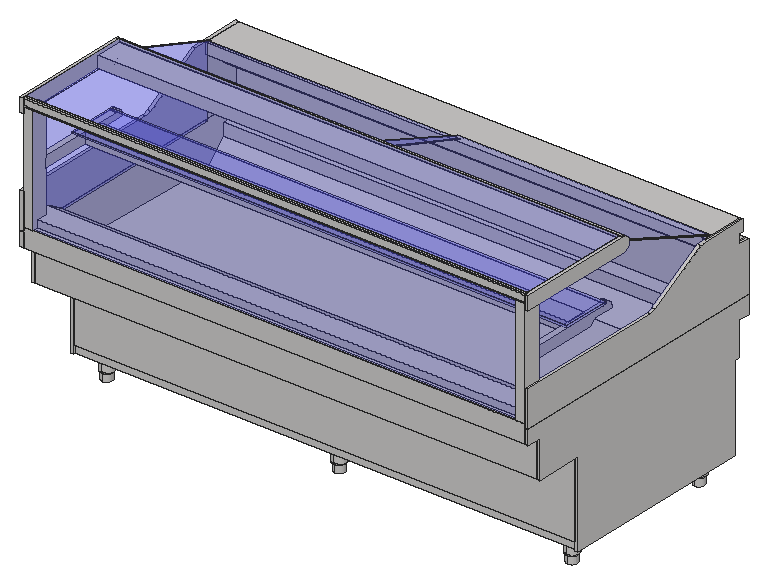
Revit family "Food-Service-Equipment_Oscartek_Dp2106-46H_cat", category Specialty Equipment, Revit 2026
Family settings
  Round Connector Dimension = Use Diameter
  Part Type = Normal
  Classification Number = 23.40.40.11.17
  Work Plane-Based = No
  Enable Cutting in Views = No
  Always vertical = Yes
  Cut with Voids When Loaded = No
  Maintain Annotation Orientation = No
  Shared = No
  Room Calculation Point = No
Parameters
  Width = 83 1/4"  # constant formula
  Weight in Pounds = 749
  Watts = 1490 W
  Waste Water Discharge Temperature [instance] = -459.67 °F
  Volts = 230 V
  URL Cutsheet = "www.oscartek.com"
  URL = "www.oscartek.com"
  Type Mark [instance] = ""
  Type Comments = "As Specified"
  Test Data = "http://www.oscartek.com/company/clients.php"
  Status [instance] = ""
  Specification by User [instance] = ""
  Specification by Manufacturer = ""
  Specification = "https://www.arcat.com/arcatcos/cos48/arc48760.html"
  Show Clearance [instance] = yes
  Serial Number = ""
  Seismic Rating = ""
  Sales Information = "http://www.oscartek.com/company/contact.php"
  SMACNA No = ""
  Revision Code [instance] = ""
  Revision = "R1_2018-10"
  Refrigerant Type [instance] = "R404A"
  Product Data = "http://www.oscartek.com/support/manuals/"
  Plumbing Remarks [instance] = ""
  Plumbing Connection Type [instance] = ""
  Phase = 1
  Omniclass Number and Title = ""
  Number of Poles [instance] = 1
  NAFEM Spec ID Number = ""
  Model = "DP2106-46H"
  Min Ckt Ampacity = 0 A
  Max Overcurrent Protection = 0 A
  Masterspec = ""
  Manufacturer Website = "http://www.oscartek.com/index.php"
  Manufacturer Phone - Toll Free = "855-885-2400"
  Manufacturer Phone = "650-342-2400"
  Manufacturer Fax = "650-342-7400"
  Manufacturer Address = "361 Beach Rd., Burlingame, CA 94010"
  Manufacturer = "OSCARTEK"
  Light Length = Width - 4"  # 79 1/4"
  Item Number [instance] = ""
  Installed By [instance] = ""
  Installation-Fabrication = "http://www.oscartek.com/support/manuals/"
  Indirect Waste Size = 1"  # constant formula
  Indirect Waste Flow [instance] = 0 GPM
  Indirect Waste Connection Type [instance] = ""
  Indirect Waste Connection Height = 0"
  Identify Quantity as Lot [instance] = yes
  HP = ""
  Green Building-LEED = "https://www.arcat.com/green/green_building.shtml"
  Furnished By [instance] = ""
  Foodservice Equipment Identifier [instance] = yes
  FL Amps = 9 A
  Electrical Remarks [instance] = ""
  Electric Connection Type [instance] = ""
  Elec Conn RI Height [instance] = 0"
  Elec Conn Connection Height [instance] = 0"
  Drawn By = "Sumex Design, Inc. / Robert S. Weygant, CSI, CDT, SCIP"
  Description = "DIAMOND PASTRY SHOWCASES"
  Default Elevation = 0"
  Cycle = 50 Hz
  Copyright = "©Arcat Inc."
  Construction Details = "http://www.oscartek.com/support/manuals/"
  Conn Plug = ""
  Conn Conduit = yes
  Category = ""
  CSI MasterFormat = "11 41 13"
  CSI Master Format = "Refrigerated Food Storage Cases"
  Building Codes = "https://www.arcat.com/arcatcos/cos48/arc48760.html"
  Body Finish [instance] = QF_Finishes_Stainless Steel
  Apparent Power = if(Phase = 3, Volts * FL Amps * 1.73, Volts * FL Amps)  # 2070 VA
Reference planes (in)
  plane 1 "BACK": y = 0
  plane 2: z = 0
  plane 3 "LEFT": x = 0
  plane 4 "RIGHT": x = 83.25
  plane 5 "FRONT": y = -45.13572
  plane 6 "TOP": z = 46.12196
  plane 7 "Center Y": x = 41.625
  plane 8 "Center X": y = -22.56786
  plane 9 "base": z = 17.92856
  plane 10 "C1": x = 20.8125
  plane 11 "C2": x = 62.4375
Forms (in)
  Extrusion 1, solid, material "QF_Finishes_Stainless Steel" <- "Body Finish"
    sketch origin (0, -45.13572, 0) x (0, -1, 0) y (0, 0, -1)
      loop
        line (-2.31297, -17.92856) -> (-10.28174, -17.92856) -> (-10.28174, -5.22229) -> (-10.53174, -5.22229) -> (-10.53174, -3.97229) -> (-16.20099, -3.97229) -> (-16.20099, -5.22229) -> (-36.65227, -5.22229) -> (-36.65227, -3.97229) -> (-42.24423, -3.97229) -> (-42.24423, -5.22229) -> (-42.36829, -5.22229) -> (-42.36829, -17.92856) -> (-43.23446, -17.92856) -> (-43.23446, -23.50377) -> (-45.13572, -23.50377) -> (-45.13572, -34.67971) -> (-43.22627, -34.67971) -> (-43.22627, -36.17971) -> (-44.06429, -36.17971) -> (-44.06429, -37.95445) -> (-37.12476, -37.95445) -> (-37.12476, -36.28911) -> (-40.26039, -36.28911) -> (-40.8759, -35.6736) -> (-40.8759, -33.45955) -> (-43.56092, -33.45955) -> (-43.56092, -24.59884) -> (-40.8759, -24.59884) -> (-40.8759, -22.59092) -> (-37.69392, -19.40894) -> (-7.45443, -20.20633) -> (-7.45443, -26.70633) -> (-4.63984, -28.33133) -> (-0.97833, -28.33133) -> (-0.97833, -27.10344) -> (0, -27.10344) -> (0, -24.10344) -> (-2.31297, -24.10344) -> (-2.31297, -17.92856)
      loop
        line (-0.5528, -44.73182) -> (-0.5528, -46.12196) -> (-0.12856, -46.12196)
        arc (-0.12856, -46.12196) -> (-0.03766, -46.0843) -> (0, -45.99339) r 0.12856
        line (0, -45.99339) -> (0, -44.90582)
        arc (0, -44.90582) -> (-0.05096, -44.78279) -> (-0.174, -44.73182) r 0.174
        line (-0.174, -44.73182) -> (-0.5528, -44.73182)
      loop
        line (-19.5564, -46.12196) -> (-19.5564, -45.71607) -> (-15.11183, -45.71607) -> (-15.11183, -43.8015) -> (-15.61183, -43.8015) -> (-15.61183, -45.0515) -> (-18.0564, -45.0515) -> (-18.0564, -43.8015) -> (-19.5564, -43.8015)
        arc (-19.5564, -43.8015) -> (-20.71663, -44.96173) -> (-19.5564, -46.12196) r 1.16023
    from 0.5 to 82.75
  Extrusion 2, solid, material "QF_Finishes_Stainless Steel" <- "Body Finish"
    sketch origin (0, -45.13572, 0) x (0, -1, 0) y (0, 0, -1)
      loop
        line (-2.31297, -17.92856) -> (-10.28174, -17.92856) -> (-10.28174, -3.97229) -> (-42.36829, -3.97229) -> (-42.36829, -17.92856) -> (-43.23446, -17.92856) -> (-43.23446, -23.50377) -> (-45.13572, -23.50377) -> (-45.13572, -26.40315) -> (0, -26.40315) -> (0, -24.10344) -> (-2.31297, -24.10344) -> (-2.31297, -17.92856)
      loop
        line (-35.31011, -37.95445) -> (-26.08517, -32.62843)
        arc (-26.08517, -32.62843) -> (-25.6104, -32.43178) -> (-25.10092, -32.3647) r 1.9685
        line (-25.10092, -32.3647) -> (0, -32.3647) -> (0, -26.52815) -> (-45.13572, -26.52815) -> (-45.13572, -34.67971) -> (-43.22627, -34.67971) -> (-43.22627, -36.17971) -> (-44.06429, -36.17971) -> (-44.06429, -37.95445) -> (-35.31011, -37.95445)
    from 0 to 0.5
  Extrusion 3, solid, material "QF_Finishes_Stainless Steel" <- "Body Finish"
    sketch origin (0, -45.13572, 0) x (0, -1, 0) y (0, 0, -1)
      loop
        line (0, -27.10344) -> (-2.74998, -27.10344) -> (-2.74998, -44.73182) -> (0, -44.73182) -> (0, -27.10344)
    from 0.5 to 2
  Extrusion 4, solid, material "QF_Finishes_Stainless Steel" <- "Body Finish"
    sketch origin (0, -45.13572, 0) x (0, -1, 0) y (0, 0, -1)
      loop
        line (0, -46.12196) -> (0, -43.8015) -> (-19.5564, -43.8015)
        arc (-19.5564, -43.8015) -> (-20.71663, -44.96173) -> (-19.5564, -46.12196) r 1.16023
        line (-19.5564, -46.12196) -> (0, -46.12196)
    from 0 to 0.5
  Extrusion 5, solid, material "QF_Finishes_Stainless Steel" <- "Body Finish"
    sketch origin (83.25, -45.13572, 0) x (0, -1, 0) y (0, 0, -1)
      loop
        line (0, -46.12196) -> (0, -43.8015) -> (-19.5564, -43.8015)
        arc (-19.5564, -43.8015) -> (-20.71663, -44.96173) -> (-19.5564, -46.12196) r 1.16023
        line (-19.5564, -46.12196) -> (0, -46.12196)
    from 0 to -0.5
  Extrusion 6, solid, material "QF_Finishes_Stainless Steel" <- "Body Finish"
    sketch origin (83.25, -45.13572, 0) x (0, -1, 0) y (0, 0, -1)
      loop
        line (0, -27.10344) -> (-2.74998, -27.10344) -> (-2.74998, -44.73182) -> (0, -44.73182) -> (0, -27.10344)
    from -0.5 to -2
  Extrusion 7, solid, material "Glass"
    sketch origin (0, -45.13572, 0) x (1, 0, 0) y (0, 1, 0)
      loop
        line (2, 0) -> (81.25, 0) -> (81.25, 0.2764) -> (2, 0.2764) -> (2, 0)
    from 27.10344 to 44.73182
  Extrusion 8, solid, material "QF_Finishes_Stainless Steel" <- "Body Finish"
    sketch origin (83.25, -45.13572, 0) x (0, -1, 0) y (0, 0, -1)
      loop
        line (-2.31297, -17.92856) -> (-10.28174, -17.92856) -> (-10.28174, -3.97229) -> (-42.36829, -3.97229) -> (-42.36829, -17.92856) -> (-43.23446, -17.92856) -> (-43.23446, -23.50377) -> (-45.13572, -23.50377) -> (-45.13572, -26.40315) -> (0, -26.40315) -> (0, -24.10344) -> (-2.31297, -24.10344) -> (-2.31297, -17.92856)
      loop
        line (-35.31011, -37.95445) -> (-26.08517, -32.62843)
        arc (-26.08517, -32.62843) -> (-25.6104, -32.43178) -> (-25.10092, -32.3647) r 1.9685
        line (-25.10092, -32.3647) -> (0, -32.3647) -> (0, -26.52815) -> (-45.13572, -26.52815) -> (-45.13572, -34.67971) -> (-43.22627, -34.67971) -> (-43.22627, -36.17971) -> (-44.06429, -36.17971) -> (-44.06429, -37.95445) -> (-35.31011, -37.95445)
    from 0 to -0.5
  Revolve 9, solid, material "QF_Finishes_Stainless Steel"
    sketch origin (3.5, -45.13572, 0) x (0, -1, 0) y (0, 0, -1)
      loop
        line (-13.37229, 0) -> (-13.37229, -3.97229) -> (-12.18681, -3.97229) -> (-12.18681, -3.77531) -> (-12.27584, -3.77531) -> (-12.27584, -1.45503)
        arc (-12.27584, -1.45503) -> (-12.32001, -1.34838) -> (-12.42666, -1.30421) r 0.15082
        line (-12.42666, -1.30421) -> (-12.50615, -1.30421) -> (-12.50615, 0) -> (-13.37229, 0)
      axis (-13.37229, -3.97229) -> (-13.37229, 0)
    angle from 0 to 360
  Revolve 10, solid, material "QF_Finishes_Stainless Steel"
    sketch origin (3.5, -19.07278, 0) x (0, -1, 0) y (0, 0, -1)
      loop
        line (-13.37229, 0) -> (-13.37229, -3.97229) -> (-12.18681, -3.97229) -> (-12.18681, -3.77531) -> (-12.27584, -3.77531) -> (-12.27584, -1.45503)
        arc (-12.27584, -1.45503) -> (-12.32001, -1.34838) -> (-12.42666, -1.30421) r 0.15082
        line (-12.42666, -1.30421) -> (-12.50615, -1.30421) -> (-12.50615, 0) -> (-13.37229, 0)
      axis (-13.37229, -3.97229) -> (-13.37229, 0)
    angle from 0 to 360
  Revolve 11, solid, material "QF_Finishes_Stainless Steel"
    sketch origin (79.75, -45.13572, 0) x (0, -1, 0) y (0, 0, 1)
      loop
        line (-13.37229, 0) -> (-12.50615, 0) -> (-12.50615, 1.30421) -> (-12.42666, 1.30421)
        arc (-12.42666, 1.30421) -> (-12.32001, 1.34838) -> (-12.27584, 1.45503) r 0.15082
        line (-12.27584, 1.45503) -> (-12.27584, 3.77531) -> (-12.18681, 3.77531) -> (-12.18681, 3.97229) -> (-13.37229, 3.97229) -> (-13.37229, 0)
      axis (-13.37229, 3.97229) -> (-13.37229, 0)
    angle from 0 to 360
  Revolve 12, solid, material "QF_Finishes_Stainless Steel"
    sketch origin (79.75, -19.07278, 0) x (0, -1, 0) y (0, 0, 1)
      loop
        line (-13.37229, 0) -> (-12.50615, 0) -> (-12.50615, 1.30421) -> (-12.42666, 1.30421)
        arc (-12.42666, 1.30421) -> (-12.32001, 1.34838) -> (-12.27584, 1.45503) r 0.15082
        line (-12.27584, 1.45503) -> (-12.27584, 3.77531) -> (-12.18681, 3.77531) -> (-12.18681, 3.97229) -> (-13.37229, 3.97229) -> (-13.37229, 0)
      axis (-13.37229, 3.97229) -> (-13.37229, 0)
    angle from 0 to 360
  Extrusion 13, solid, material "Glass"
    sketch origin (0, -45.13572, 0) x (0, -1, 0) y (0, 0, -1)
      loop
        line (-0.5963, -46.12196) -> (-0.5963, -45.71607) -> (-19.4939, -45.71607) -> (-19.4939, -46.12196) -> (-0.5963, -46.12196)
    from 0.5 to 82.75
  Extrusion 14, solid, material "QF_Finishes_Stainless Steel" <- "Body Finish"
    sketch origin (0, 0, 23.50377) x (0, 0, 1) y (1, 0, 0)
      loop
        line (11.17594, 2) -> (11.17594, 41.5) -> (0, 41.5) -> (0, 2) -> (11.17594, 2)
      loop
        line (0, 81.25) -> (0, 41.75) -> (11.17594, 41.75) -> (11.17594, 81.25) -> (0, 81.25)
    from 0 to 0.03125
  Extrusion 15, void
    sketch origin (20.8125, -45.13572, 0) x (0, 0, -1) y (0, -1, 0)
      loop
        line (-29.56161, -45.54989) -> (-29.56161, -44.68189) -> (-31.5361, -43.96324)
        arc (-31.5361, -43.96324) -> (-31.64879, -43.93304) -> (-31.76501, -43.92287) r 0.66929
        line (-31.76501, -43.92287) -> (-32.77748, -43.92287)
        arc (-32.77748, -43.92287) -> (-32.95097, -43.95241) -> (-33.10491, -44.0377) r 0.52429
        line (-33.10491, -44.0377) -> (-33.10491, -44.44716)
        arc (-33.10491, -44.44716) -> (-33.0457, -44.63497) -> (-32.88947, -44.75485) r 0.32744
        line (-32.88947, -44.75485) -> (-32.62523, -44.85103)
        arc (-32.62523, -44.85103) -> (-32.58766, -44.87985) -> (-32.57342, -44.92502) r 0.07874
        line (-32.57342, -44.92502) -> (-32.57342, -45.54989) -> (-29.56161, -45.54989)
    from -2.5 to 2.5
  Extrusion 16, solid, material "QF_Finishes_Black"
    sketch origin (0, -2.76743, 5.22229) x (0, 0, 1) y (1, 0, 0)
      loop
        line (11.08103, 76.46488) -> (1.08103, 76.46488) -> (1.08103, 74.96488) -> (11.08103, 74.96488) -> (11.08103, 76.46488)
      loop
        line (11.08103, 74.71488) -> (1.08103, 74.71488) -> (1.08103, 73.21488) -> (11.08103, 73.21488) -> (11.08103, 74.71488)
      loop
        line (11.08103, 72.96488) -> (1.08103, 72.96488) -> (1.08103, 71.46488) -> (11.08103, 71.46488) -> (11.08103, 72.96488)
      loop
        line (11.08103, 71.21488) -> (1.08103, 71.21488) -> (1.08103, 69.71488) -> (11.08103, 69.71488) -> (11.08103, 71.21488)
      loop
        line (11.08103, 69.46488) -> (1.08103, 69.46488) -> (1.08103, 67.96488) -> (11.08103, 67.96488) -> (11.08103, 69.46488)
      loop
        line (11.08103, 67.71488) -> (1.08103, 67.71488) -> (1.08103, 66.21488) -> (11.08103, 66.21488) -> (11.08103, 67.71488)
      loop
        line (11.08103, 65.96488) -> (1.08103, 65.96488) -> (1.08103, 64.46488) -> (11.08103, 64.46488) -> (11.08103, 65.96488)
      loop
        line (11.08103, 64.21488) -> (1.08103, 64.21488) -> (1.08103, 62.71488) -> (11.08103, 62.71488) -> (11.08103, 64.21488)
      loop
        line (11.08103, 62.46488) -> (1.08103, 62.46488) -> (1.08103, 60.96488) -> (11.08103, 60.96488) -> (11.08103, 62.46488)
      loop
        line (11.08103, 60.71488) -> (1.08103, 60.71488) -> (1.08103, 59.21488) -> (11.08103, 59.21488) -> (11.08103, 60.71488)
      loop
        line (11.08103, 58.96488) -> (1.08103, 58.96488) -> (1.08103, 57.46488) -> (11.08103, 57.46488) -> (11.08103, 58.96488)
      loop
        line (11.08103, 57.21488) -> (1.08103, 57.21488) -> (1.08103, 55.71488) -> (11.08103, 55.71488) -> (11.08103, 57.21488)
    from 0 to 0.03125
  Extrusion 17, solid, material "QF_Finishes_Stainless Steel"
    sketch origin (40, -2.76743, 5.22229) x (0, 0, 1) y (1, 0, 0)
      loop
        line (12.70627, 4.1062) -> (12.70627, 10.1062) -> (11.20627, 10.1062) -> (11.20627, 4.1062) -> (12.70627, 4.1062)
    from 0 to 1
  Extrusion 18, solid, material "QF_Finishes_Door Clearance", visible <- "Show Clearance", detail levels coarse
    sketch origin (0, -45.13572, 0) x (0, -1, 0) y (0, 0, -1)
      loop
        arc (0, -44.73182) -> (12.46515, -39.56859) -> (17.62838, -27.10344) r 17.62838
        line (17.62838, -27.10344) -> (0, -27.10344) -> (0, -44.73182)
    from 0.5 to 82.75
  Extrusion 19, solid, material "QF_Finishes_Drawer Clearance", visible <- "Show Clearance", detail levels coarse
    sketch origin (0, -45.13572, 0) x (0, -1, 0) y (0, 0, -1)
      loop
        line (-45.16697, -34.67971) -> (-45.16697, -23.50377) -> (-51.16697, -23.50377) -> (-51.16697, -34.67971) -> (-45.16697, -34.67971)
    from 2 to 81.25
  Extrusion 20, solid, material "QF_Finishes_Stainless Steel"
    sketch origin (0, -45.13572, 17.92856) x (-1, 0, 0) y (0, -1, 0)
      loop
        circle (-5.75, -36.79348) r 0.5
      loop
        circle (-77.5, -36.79348) r 0.5
    from 0 to -1
  Extrusion 21, solid, material "QF_Finishes_Stainless Steel" <- "Body Finish"
    sketch origin (0, -45.13572, 0) x (0, -1, 0) y (0, 0, -1)
      loop
        line (-2.74998, -35.08466) -> (-13.82063, -35.08466)
        arc (-13.82063, -35.08466) -> (-13.97129, -35.11463) -> (-14.09902, -35.19998) r 0.3937
        line (-14.09902, -35.19998) -> (-14.65579, -35.75675)
        arc (-14.65579, -35.75675) -> (-14.78352, -35.8421) -> (-14.93418, -35.87206) r 0.3937
        line (-14.93418, -35.87206) -> (-18.35113, -35.87206)
        arc (-18.35113, -35.87206) -> (-18.18116, -36.72072) -> (-17.49636, -37.25001) r 1.23649
        line (-17.49636, -37.25001) -> (-17.3307, -37.25001) -> (-17.3307, -36.85631) -> (-2.74998, -36.85631) -> (-2.74998, -35.08466)
    from 1 to 2
  Extrusion 22, solid, material "QF_Finishes_Stainless Steel" <- "Body Finish"
    sketch origin (83.25, -45.13572, 0) x (0, -1, 0) y (0, 0, -1)
      loop
        line (-2.74998, -35.08466) -> (-13.82063, -35.08466)
        arc (-13.82063, -35.08466) -> (-13.97129, -35.11463) -> (-14.09902, -35.19998) r 0.3937
        line (-14.09902, -35.19998) -> (-14.65579, -35.75675)
        arc (-14.65579, -35.75675) -> (-14.78352, -35.8421) -> (-14.93418, -35.87206) r 0.3937
        line (-14.93418, -35.87206) -> (-18.35113, -35.87206)
        arc (-18.35113, -35.87206) -> (-18.18116, -36.72072) -> (-17.49636, -37.25001) r 1.23649
        line (-17.49636, -37.25001) -> (-17.3307, -37.25001) -> (-17.3307, -36.85631) -> (-2.74998, -36.85631) -> (-2.74998, -35.08466)
    from -1 to -2
  Extrusion 23, solid, material "Glass"
    sketch origin (0, -45.13572, 0) x (0, -1, 0) y (0, 0, -1)
      loop
        line (-9.24016, -37.25001) -> (-9.24016, -36.85631) -> (-17.31101, -36.85631) -> (-17.31101, -37.25001) -> (-9.24016, -37.25001)
    from 1 to 82.25
  Extrusion 24, solid, material "QF_Finishes_Stainless Steel" <- "Body Finish"
    sketch origin (0, -45.13572, 0) x (0, -1, 0) y (0, 0, -1)
      loop
        line (-13.91788, -36.85631) -> (-10.80814, -36.85631) -> (-10.80814, -35.08466) -> (-10.93314, -35.08466) -> (-10.93314, -36.73131) -> (-13.79288, -36.73131) -> (-13.79288, -35.08466) -> (-13.91788, -35.08466) -> (-13.91788, -36.85631)
    from 2 to 81.25
  Extrusion 25, void
    sketch origin (62.4375, -45.13572, 0) x (0, 0, -1) y (0, -1, 0)
      loop
        line (-29.56161, -45.54989) -> (-29.56161, -44.68189) -> (-31.5361, -43.96324)
        arc (-31.5361, -43.96324) -> (-31.64879, -43.93304) -> (-31.76501, -43.92287) r 0.66929
        line (-31.76501, -43.92287) -> (-32.77748, -43.92287)
        arc (-32.77748, -43.92287) -> (-32.95097, -43.95241) -> (-33.10491, -44.0377) r 0.52429
        line (-33.10491, -44.0377) -> (-33.10491, -44.44716)
        arc (-33.10491, -44.44716) -> (-33.0457, -44.63497) -> (-32.88947, -44.75485) r 0.32744
        line (-32.88947, -44.75485) -> (-32.62523, -44.85103)
        arc (-32.62523, -44.85103) -> (-32.58766, -44.87985) -> (-32.57342, -44.92502) r 0.07874
        line (-32.57342, -44.92502) -> (-32.57342, -45.54989) -> (-29.56161, -45.54989)
    from -2.5 to 2.5
  Revolve 26, solid, material "QF_Finishes_Stainless Steel"
    sketch origin (41.625, -45.13572, 0) x (0, -1, 0) y (0, 0, -1)
      loop
        line (-13.37229, 0) -> (-13.37229, -3.97229) -> (-12.18681, -3.97229) -> (-12.18681, -3.77531) -> (-12.27584, -3.77531) -> (-12.27584, -1.45503)
        arc (-12.27584, -1.45503) -> (-12.32001, -1.34838) -> (-12.42666, -1.30421) r 0.15082
        line (-12.42666, -1.30421) -> (-12.50615, -1.30421) -> (-12.50615, 0) -> (-13.37229, 0)
      axis (-13.37229, -3.97229) -> (-13.37229, 0)
    angle from 0 to 360
  Revolve 27, solid, material "QF_Finishes_Stainless Steel"
    sketch origin (41.625, -19.07278, 0) x (0, -1, 0) y (0, 0, -1)
      loop
        line (-13.37229, 0) -> (-13.37229, -3.97229) -> (-12.18681, -3.97229) -> (-12.18681, -3.77531) -> (-12.27584, -3.77531) -> (-12.27584, -1.45503)
        arc (-12.27584, -1.45503) -> (-12.32001, -1.34838) -> (-12.42666, -1.30421) r 0.15082
        line (-12.42666, -1.30421) -> (-12.50615, -1.30421) -> (-12.50615, 0) -> (-13.37229, 0)
      axis (-13.37229, -3.97229) -> (-13.37229, 0)
    angle from 0 to 360
  Extrusion 28, solid, material "Glass"
    sketch origin (83.25, -45.13572, 0) x (0, -1, 0) y (0, 0, 1)
      loop
        line (-20.71663, 44.96173) -> (-38.26035, 38.10722) -> (-38.20304, 37.96053) -> (-20.7061, 44.80574)
        arc (-20.7061, 44.80574) -> (-20.71399, 44.88355) -> (-20.71663, 44.96173) r 1.16023
    from 0.5 to 42.125
  Extrusion 29, solid, material "Glass"
    sketch origin (0, -45.13572, 0) x (0, -1, 0) y (0, 0, 1)
      loop
        line (-2.74998, 43.8015) -> (-19.5564, 43.8015)
        arc (-19.5564, 43.8015) -> (-20.09646, 43.93485) -> (-20.51237, 44.30427) r 1.16023
        line (-20.51237, 44.30427) -> (-38.07788, 37.95445) -> (-37.12476, 37.95445) -> (-37.12476, 26.42856) -> (-7.45443, 26.42856) -> (-7.45443, 26.70633) -> (-4.63984, 28.33133) -> (-2.74998, 28.33133) -> (-2.74998, 43.8015)
    from -0.5 to -1
  Extrusion 30, solid, material "Glass"
    sketch origin (0, -45.13572, 0) x (0, -1, 0) y (0, 0, 1)
      loop
        line (-20.51237, 44.30427) -> (-37.65129, 38.10866) -> (-37.59776, 37.96056) -> (-20.40855, 44.17435)
        arc (-20.40855, 44.17435) -> (-20.46279, 44.23744) -> (-20.51237, 44.30427) r 1.16023
    from -0.5 to -42.125
  Extrusion 31, solid, material "Glass"
    sketch origin (83.25, -45.13572, 0) x (0, -1, 0) y (0, 0, 1)
      loop
        line (-2.74998, 43.8015) -> (-19.5564, 43.8015)
        arc (-19.5564, 43.8015) -> (-20.31967, 44.08791) -> (-20.7061, 44.80574) r 1.16023
        line (-20.7061, 44.80574) -> (-38.21858, 37.95445) -> (-37.12476, 37.95445) -> (-37.12476, 26.42856) -> (-7.45443, 26.42856) -> (-7.45443, 26.70633) -> (-4.63984, 28.33133) -> (-2.74998, 28.33133) -> (-2.74998, 43.8015)
    from 0.5 to 1
Cuts and joins
  Extrusion 15, Extrusion 25 cuts Extrusion 1
  Extrusion 15, Extrusion 25 cuts Extrusion 14
Lines and regions (in)
  Split face 1
    outline origin (40, -1.76743, 5.22229) x (0, 0, 1) y (1, 0, 0)
      loop
        line (12.34422, 5.26577) -> (12.34422, 9.26577) -> (11.59422, 9.26577) -> (11.59422, 5.26577) -> (12.34422, 5.26577)
  symbolic lines
    curve 1: line (0, -45.13572, 0) -> (83.25, -45.13572, 0)
    curve 2: line (0, 0, 0) -> (0, -45.13572, 0)
    curve 3: line (83.25, 0, 0) -> (0, 0, 0)
    curve 4: line (83.25, -45.13572, 0) -> (83.25, 0, 0)
    curve 5: line (82.75, 0, 0) -> (82.75, -45.13572, 0)
    curve 6: line (0.5, -45.13572, 0) -> (0.5, 0, 0)
    curve 7: line (0, -24.41909, 0) -> (83.25, -24.41909, 0)
    curve 8: line (0.5, -25.64182, 0) -> (82.75, -25.64182, 0)
    curve 9: line (0.5, -44.53942, 0) -> (82.75, -44.53942, 0)
    curve 10: line (0, -1.07143, 0) -> (83.25, -1.07143, 0)
    curve 17: line (82.75, -6.87537, 0) -> (41.125, -6.87537, 0)
    curve 18: line (41.125, -6.87537, 0) -> (41.125, -24.41909, 0)
    curve 19: line (41.125, -7.48442, 0) -> (0.5, -7.48442, 0)
  symbolic lines, style "QF-Door Swings"
    curve 11: line (82.75, -62.7641, 0) -> (0.5, -62.7641, 0)
    curve 12: line (0.5, -62.7641, 0) -> (0.5, -45.13572, 0)
    curve 13: line (82.75, -45.13572, 0) -> (82.75, -62.7641, 0)
  symbolic lines, style "QF_Drawer Clearance"
    curve 14: line (81.25, 6.03125, 0) -> (81.25, 0.03125, 0)
    curve 15: line (2, 6.03125, 0) -> (81.25, 6.03125, 0)
    curve 16: line (2, 0.03125, 0) -> (2, 6.03125, 0)
  symbolic lines, style "QF-Surface Details"
    curve 20: line (16.48362, -16.5042, 0) -> (19.6656, -13.32221, 0)
    curve 21: line (16.15315, -17.94487, 0) -> (21.1029, -12.99513, 0)
    curve 22: line (17.74583, -17.76641, 0) -> (21.10459, -14.40765, 0)
    curve 23: line (61.11586, -16.5042, 0) -> (64.29784, -13.32221, 0)
    curve 24: line (60.7854, -17.94487, 0) -> (65.73514, -12.99513, 0)
    curve 25: line (62.37808, -17.76641, 0) -> (65.73683, -14.40765, 0)
    curve 26: line (16.48362, -34.5042, 0) -> (19.6656, -31.32221, 0)
    curve 27: line (16.15315, -35.94487, 0) -> (21.1029, -30.99513, 0)
    curve 28: line (17.74583, -35.76641, 0) -> (21.10459, -32.40765, 0)
    curve 29: line (60.91116, -34.5042, 0) -> (64.09314, -31.32221, 0)
    curve 30: line (60.58069, -35.94487, 0) -> (65.53044, -30.99513, 0)
    curve 31: line (62.17337, -35.76641, 0) -> (65.53213, -32.40765, 0)
    curve 32: line (39.48059, -34.5042, 0) -> (42.66257, -31.32221, 0)
    curve 33: line (39.15013, -35.94487, 0) -> (44.09987, -30.99513, 0)
    curve 34: line (40.74281, -35.76641, 0) -> (44.10156, -32.40765, 0)
Dimensions and locks (in)
  equal spacing: plane 3 "LEFT", plane 7 "Center Y", plane 4 "RIGHT"
  "Width": plane 3 "LEFT" to plane 4 "RIGHT"
  equal spacing: plane 5 "FRONT", plane 8 "Center X", plane 1 "BACK"
  plane 5 "FRONT" to plane 1 "BACK" = 45.13572"
  equal spacing: plane 4 "RIGHT", plane 11 "C2", plane 7 "Center Y"
  equal spacing: plane 7 "Center Y", plane 10 "C1", plane 3 "LEFT"
  Extrusion 1 to Extrusion 14 sketch curve to Extrusion 14 sketch curve = 0", 11.17594"
  aligned and locked: level to plane 2
Automatic sketch dimensions
  Extrusion 1 sketch curve to plane 1 "BACK" = 0"
  Extrusion 1 sketch curve to plane 9 "base" = 0"  (x2)
  Extrusion 1 sketch curve to plane 5 "FRONT" = 0"  (x2)
  plane 1 "BACK" to Extrusion 1 sketch curve = 1.07143"
  plane 1 "BACK" to Extrusion 1 sketch curve = 1.5748"
  Extrusion 1 sketch curve to Extrusion 1 sketch curve = 0.32645"
  Extrusion 1 sketch curve to Extrusion 1 sketch curve = 0.83802"
  Extrusion 1 sketch curve to Extrusion 1 sketch curve = 0.86617"
  Extrusion 1 sketch curve to Extrusion 1 sketch curve = 0.12406"
  Extrusion 1 sketch curve to Extrusion 1 sketch curve = 2.35857"
  Extrusion 1 sketch curve to Extrusion 1 sketch curve = 2.35038"
  Extrusion 1 sketch curve to Extrusion 1 sketch curve = 0.6155"  (x2)
  plane 9 "base" to Extrusion 1 sketch curve = 1.48038"
  Extrusion 1 sketch curve to Extrusion 1 sketch curve = 3.18198"  (x2)
  Extrusion 1 sketch curve to Extrusion 1 sketch curve = 3.13563"
  Extrusion 1 sketch curve to Extrusion 1 sketch curve = 5.59196"
  Extrusion 1 sketch curve to plane 8 "Center X" = 3.01146"
  Extrusion 1 sketch curve to Extrusion 1 sketch curve = 1 1/2"  (x2)
  Extrusion 1 sketch curve to plane 8 "Center X" = 6.36687"
  Extrusion 1 sketch curve to Extrusion 1 sketch curve = 2.44457"
  Extrusion 1 sketch curve to Extrusion 1 sketch curve = 1/2"
  Extrusion 1 sketch curve to Extrusion 1 sketch curve = 5.66925"
  Extrusion 1 sketch curve to Extrusion 1 sketch curve = 1/4"
  plane 9 "base" to Extrusion 1 sketch curve = 2.27777"
  Extrusion 1 sketch curve to Extrusion 1 sketch curve = 2.82731"
  Extrusion 1 sketch curve to Extrusion 1 sketch curve = 2.81458"
  Extrusion 1 sketch curve to plane 5 "FRONT" = 2.31297"
  Extrusion 1 sketch curve to plane 5 "FRONT" = 0.97833"
  Extrusion 1 sketch curve to plane 5 "FRONT" = 0.5528"
  Extrusion 1 sketch curve to plane 5 "FRONT" = 0.174"
  Extrusion 1 sketch curve to plane 5 "FRONT" = 0.12856"
  Extrusion 1 sketch curve to Extrusion 1 sketch curve = 0.91285"
  plane 9 "base" to Extrusion 1 sketch curve = 6.17488"
  Extrusion 1 sketch curve to Extrusion 1 sketch curve = 2.00792"
  Extrusion 1 sketch curve to Extrusion 1 sketch curve = 2.60288"
  Extrusion 1 sketch curve to Extrusion 1 sketch curve = 3"
  Extrusion 1 sketch curve to Extrusion 1 sketch curve = 1.22788"
  Extrusion 1 sketch curve to Extrusion 1 sketch curve = 8.86071"
  Extrusion 1 sketch curve to Extrusion 1 sketch curve = 1.22016"
  Extrusion 1 sketch curve to Extrusion 1 sketch curve = 2.21406"
  Extrusion 1 sketch curve to Extrusion 1 sketch curve = 1.66535"
  Extrusion 1 sketch curve to Extrusion 1 sketch curve = 15.47017"
  Extrusion 1 sketch curve to Extrusion 1 sketch curve = 0"
  Extrusion 1 sketch curve to Extrusion 1 sketch curve = 0.93033"
  Extrusion 1 sketch curve to Extrusion 1 sketch curve = 1.16023"
  Extrusion 1 sketch curve to Extrusion 1 sketch curve = 1 1/4"  (x3)
  Extrusion 1 sketch curve to Extrusion 1 sketch curve = 0.66458"
  Extrusion 1 sketch curve to Extrusion 1 sketch curve = 1.08757"
  level to Extrusion 1 sketch curve = 5.22229"  (x3)
  Extrusion 2 sketch curve to plane 1 "BACK" = 0"  (x2)
  Extrusion 2 sketch curve to plane 9 "base" = 0"  (x2)
  Extrusion 2 sketch curve to plane 5 "FRONT" = 0"  (x2)
  plane 1 "BACK" to Extrusion 2 sketch curve = 1.07143"
  Extrusion 2 sketch curve to Extrusion 2 sketch curve = 1.90125"
  Extrusion 2 sketch curve to Extrusion 2 sketch curve = 0.83802"
  plane 1 "BACK" to Extrusion 2 sketch curve = 2.76743"
  Extrusion 2 sketch curve to Extrusion 2 sketch curve = 7.91616"
  plane 8 "Center X" to Extrusion 2 sketch curve = 3.51731"
  Extrusion 2 sketch curve to Extrusion 2 sketch curve = 0.98425"
  Extrusion 2 sketch curve to plane 5 "FRONT" = 10.28174"
  Extrusion 2 sketch curve to plane 5 "FRONT" = 2.31297"
  plane 9 "base" to Extrusion 2 sketch curve = 5.57521"
  Extrusion 2 sketch curve to Extrusion 2 sketch curve = 6.17488"
  Extrusion 2 sketch curve to Extrusion 2 sketch curve = 2.29971"
  Extrusion 2 sketch curve to Extrusion 2 sketch curve = 1/8"
  Extrusion 2 sketch curve to Extrusion 2 sketch curve = 5.83655"
  Extrusion 2 sketch curve to Extrusion 2 sketch curve = 0.26373"
  Extrusion 2 sketch curve to Extrusion 2 sketch curve = 8.15156"
  Extrusion 2 sketch curve to Extrusion 2 sketch curve = 1 1/2"
  Extrusion 2 sketch curve to Extrusion 2 sketch curve = 1.77474"
  level to Extrusion 2 sketch curve = 3.97229"
  Extrusion 3 sketch curve to plane 5 "FRONT" = 0"
  Extrusion 3 sketch curve to plane 5 "FRONT" = 2.74998"
  plane 9 "base" to Extrusion 3 sketch curve = 26.80326"
  plane 9 "base" to Extrusion 3 sketch curve = 9.17488"
  Extrusion 4 sketch curve to plane 5 "FRONT" = 0"
  Extrusion 4 sketch curve to plane 8 "Center X" = 3.01146"
  plane 9 "base" to Extrusion 4 sketch curve = 28.1934"
  Extrusion 4 sketch curve to Extrusion 4 sketch curve = 1.16023"
  Extrusion 5 sketch curve to plane 5 "FRONT" = 0"
  Extrusion 5 sketch curve to plane 8 "Center X" = 3.01146"
  plane 9 "base" to Extrusion 5 sketch curve = 28.1934"
  Extrusion 5 sketch curve to Extrusion 5 sketch curve = 1.16023"
  Extrusion 6 sketch curve to plane 5 "FRONT" = 0"
  Extrusion 6 sketch curve to plane 5 "FRONT" = 2.74998"
  plane 9 "base" to Extrusion 6 sketch curve = 26.80326"
  plane 9 "base" to Extrusion 6 sketch curve = 9.17488"
  plane 5 "FRONT" to Extrusion 7 sketch curve = 0"
  plane 5 "FRONT" to Extrusion 7 sketch curve = 0.2764"
  Extrusion 7 sketch curve to plane 3 "LEFT" = 2"
  plane 4 "RIGHT" to Extrusion 7 sketch curve = 2"
  Extrusion 8 sketch curve to plane 1 "BACK" = 0"  (x2)
  Extrusion 8 sketch curve to plane 9 "base" = 0"  (x2)
  Extrusion 8 sketch curve to plane 5 "FRONT" = 0"  (x2)
  plane 1 "BACK" to Extrusion 8 sketch curve = 1.07143"
  Extrusion 8 sketch curve to Extrusion 8 sketch curve = 1.90125"
  Extrusion 8 sketch curve to Extrusion 8 sketch curve = 0.83802"
  plane 1 "BACK" to Extrusion 8 sketch curve = 2.76743"
  Extrusion 8 sketch curve to Extrusion 8 sketch curve = 7.91616"
  plane 8 "Center X" to Extrusion 8 sketch curve = 3.51731"
  Extrusion 8 sketch curve to Extrusion 8 sketch curve = 0.98425"
  Extrusion 8 sketch curve to plane 5 "FRONT" = 10.28174"
  Extrusion 8 sketch curve to plane 5 "FRONT" = 2.31297"
  plane 9 "base" to Extrusion 8 sketch curve = 5.57521"
  Extrusion 8 sketch curve to Extrusion 8 sketch curve = 6.17488"
  Extrusion 8 sketch curve to Extrusion 8 sketch curve = 2.29971"
  Extrusion 8 sketch curve to Extrusion 8 sketch curve = 1/8"
  Extrusion 8 sketch curve to Extrusion 8 sketch curve = 5.83655"
  Extrusion 8 sketch curve to Extrusion 8 sketch curve = 0.26373"
  Extrusion 8 sketch curve to Extrusion 8 sketch curve = 8.15156"
  Extrusion 8 sketch curve to Extrusion 8 sketch curve = 1 1/2"
  Extrusion 8 sketch curve to Extrusion 8 sketch curve = 1.77474"
  level to Extrusion 8 sketch curve = 3.97229"
  Revolve 9 sketch curve to level = 0"
  Revolve 9 sketch curve to plane 8 "Center X" = 9.19557"
  Revolve 9 sketch curve to Revolve 9 sketch curve = 0"
  Revolve 9 sketch curve to Revolve 9 sketch curve = 0.86614"
  Revolve 9 sketch curve to Revolve 9 sketch curve = 0.07949"
  Revolve 9 sketch curve to Revolve 9 sketch curve = 1.09644"
  Revolve 9 sketch curve to Revolve 9 sketch curve = 0.08904"
  level to Revolve 9 sketch curve = 1.30421"
  Revolve 9 sketch curve to Revolve 9 sketch curve = 1.40035"
  Revolve 9 sketch curve to Revolve 9 sketch curve = 0.91993"
  Revolve 9 sketch curve to Revolve 9 sketch curve = 0.19698"
  Revolve 9 sketch curve to Revolve 9 sketch curve = 0.14462"
  Revolve 10 sketch curve to level = 0"
  plane 1 "BACK" to Revolve 10 sketch curve = 5.70049"
  Revolve 10 sketch curve to Revolve 10 sketch curve = 0"
  Revolve 10 sketch curve to Revolve 10 sketch curve = 0.86614"
  Revolve 10 sketch curve to Revolve 10 sketch curve = 0.07949"
  Revolve 10 sketch curve to Revolve 10 sketch curve = 1.09644"
  Revolve 10 sketch curve to Revolve 10 sketch curve = 0.08904"
  level to Revolve 10 sketch curve = 1.30421"
  Revolve 10 sketch curve to Revolve 10 sketch curve = 1.40035"
  Revolve 10 sketch curve to Revolve 10 sketch curve = 0.91993"
  Revolve 10 sketch curve to Revolve 10 sketch curve = 0.19698"
  Revolve 10 sketch curve to Revolve 10 sketch curve = 0.14462"
  Revolve 11 sketch curve to level = 0"
  Revolve 11 sketch curve to plane 8 "Center X" = 9.19557"
  Revolve 11 sketch curve to Revolve 11 sketch curve = 0"
  Revolve 11 sketch curve to Revolve 11 sketch curve = 0.86614"
  Revolve 11 sketch curve to Revolve 11 sketch curve = 0.07949"
  Revolve 11 sketch curve to Revolve 11 sketch curve = 1.09644"
  Revolve 11 sketch curve to Revolve 11 sketch curve = 0.08904"
  Revolve 11 sketch curve to Revolve 11 sketch curve = 0.14462"
  level to Revolve 11 sketch curve = 1.30421"
  Revolve 11 sketch curve to Revolve 11 sketch curve = 1.40035"
  Revolve 11 sketch curve to Revolve 11 sketch curve = 0.91993"
  Revolve 11 sketch curve to Revolve 11 sketch curve = 0.19698"
  Revolve 12 sketch curve to level = 0"
  plane 1 "BACK" to Revolve 12 sketch curve = 5.70049"
  Revolve 12 sketch curve to Revolve 12 sketch curve = 0"
  Revolve 12 sketch curve to Revolve 12 sketch curve = 0.86614"
  Revolve 12 sketch curve to Revolve 12 sketch curve = 0.07949"
  Revolve 12 sketch curve to Revolve 12 sketch curve = 1.09644"
  Revolve 12 sketch curve to Revolve 12 sketch curve = 0.08904"
  Revolve 12 sketch curve to Revolve 12 sketch curve = 0.14462"
  level to Revolve 12 sketch curve = 1.30421"
  Revolve 12 sketch curve to Revolve 12 sketch curve = 1.40035"
  Revolve 12 sketch curve to Revolve 12 sketch curve = 0.91993"
  Revolve 12 sketch curve to Revolve 12 sketch curve = 0.19698"
  Extrusion 13 sketch curve to plane 8 "Center X" = 3.07396"
  Extrusion 13 sketch curve to plane 5 "FRONT" = 0.5963"
  plane 9 "base" to Extrusion 13 sketch curve = 28.1934"
  Extrusion 13 sketch curve to Extrusion 13 sketch curve = 0.40588"
  Extrusion 14 sketch curve to Extrusion 1 = 0"  (x2)
  Extrusion 1 to Extrusion 14 sketch curve = 1 1/2"  (x2)
  Extrusion 14 sketch curve to Extrusion 14 sketch curve = 39 1/2"
  Extrusion 14 sketch curve to Extrusion 14 sketch curve = 1/4"
  plane 1 "BACK" to Extrusion 15 sketch curve = 1.09802"
  plane 9 "base" to Extrusion 15 sketch curve = 15.17635"
  Extrusion 15 sketch curve to Extrusion 15 sketch curve = 0"  (x5)
  Extrusion 15 sketch curve to Extrusion 15 sketch curve = 0.21545"
  Extrusion 15 sketch curve to Extrusion 15 sketch curve = 0.32744"
  Extrusion 15 sketch curve to Extrusion 15 sketch curve = 0.11199"
  Extrusion 15 sketch curve to Extrusion 15 sketch curve = 0.23731"
  plane 1 "BACK" to Extrusion 15 sketch curve = 0.28469"
  Extrusion 15 sketch curve to Extrusion 15 sketch curve = 0.02693"
  Extrusion 15 sketch curve to Extrusion 15 sketch curve = 0.07874"
  Extrusion 15 sketch curve to Extrusion 15 sketch curve = 1.01246"
  Extrusion 15 sketch curve to Extrusion 15 sketch curve = 0.22891"
  plane 1 "BACK" to Extrusion 15 sketch curve = 0.45382"
  Extrusion 15 sketch curve to Extrusion 15 sketch curve = 1.97449"
  Extrusion 15 sketch curve to plane 1 "BACK" = 0.41417"  (x2)
  Extrusion 15 sketch curve to Extrusion 15 sketch curve = 0.09618"
  plane 1 "BACK" to Extrusion 15 sketch curve = 0.54355"
  Extrusion 15 sketch curve to Extrusion 15 sketch curve = 0.62893"
  Extrusion 17 sketch curve to Extrusion 1 = 0"
  Extrusion 1 to Extrusion 17 sketch curve = 1 1/2"
  Extrusion 1 to Extrusion 17 sketch curve = 43.6062"
  Extrusion 17 sketch curve to Extrusion 17 sketch curve = 6"
  Split face 1 sketch curve to Extrusion 17 = 0.38795"
  Split face 1 sketch curve to Extrusion 17 = 0.36205"
  Split face 1 sketch curve to Extrusion 17 = 1.15957"
  Split face 1 sketch curve to Extrusion 17 = 0.84043"
  Extrusion 18 sketch curve to plane 5 "FRONT" = 0"
  plane 9 "base" to Extrusion 18 sketch curve = 9.17488"
  Extrusion 18 sketch curve to Extrusion 18 sketch curve = 17.62838"
  Extrusion 19 sketch curve to plane 1 "BACK" = 6 1/32"
  Extrusion 19 sketch curve to plane 1 "BACK" = 1/32"
  plane 9 "base" to Extrusion 19 sketch curve = 16.75115"
  plane 9 "base" to Extrusion 19 sketch curve = 5.57521"
  Extrusion 20 sketch curve to plane 4 "RIGHT" = 5 3/4"
  plane 3 "LEFT" to Extrusion 20 sketch curve = 5 3/4"
  plane 1 "BACK" to Extrusion 20 sketch curve = 8.34224"  (x2)
  Extrusion 21 sketch curve to plane 8 "Center X" = 4.21673"
  Extrusion 21 sketch curve to Extrusion 21 sketch curve = 0.85477"
  Extrusion 21 sketch curve to Extrusion 21 sketch curve = 0.16566"
  Extrusion 21 sketch curve to Extrusion 21 sketch curve = 0.20029"
  Extrusion 21 sketch curve to Extrusion 21 sketch curve = 2.19623"
  Extrusion 21 sketch curve to Extrusion 21 sketch curve = 0.27839"  (x4)
  Extrusion 21 sketch curve to Extrusion 21 sketch curve = 0.55678"
  Extrusion 21 sketch curve to plane 5 "FRONT" = 2.74998"
  plane 9 "base" to Extrusion 21 sketch curve = 19.32145"
  Extrusion 21 sketch curve to Extrusion 21 sketch curve = 0.3937"
  Extrusion 21 sketch curve to Extrusion 21 sketch curve = 0.7874"
  Extrusion 21 sketch curve to Extrusion 21 sketch curve = 0.11531"
  Extrusion 22 sketch curve to plane 8 "Center X" = 4.21673"
  Extrusion 22 sketch curve to Extrusion 22 sketch curve = 0.85477"
  Extrusion 22 sketch curve to Extrusion 22 sketch curve = 0.16566"
  Extrusion 22 sketch curve to Extrusion 22 sketch curve = 0.20029"
  Extrusion 22 sketch curve to Extrusion 22 sketch curve = 2.19623"
  Extrusion 22 sketch curve to Extrusion 22 sketch curve = 0.27839"  (x4)
  Extrusion 22 sketch curve to Extrusion 22 sketch curve = 0.55678"
  Extrusion 22 sketch curve to plane 5 "FRONT" = 2.74998"
  plane 9 "base" to Extrusion 22 sketch curve = 19.32145"
  Extrusion 22 sketch curve to Extrusion 22 sketch curve = 0.3937"
  Extrusion 22 sketch curve to Extrusion 22 sketch curve = 0.7874"
  Extrusion 22 sketch curve to Extrusion 22 sketch curve = 0.11531"
  Extrusion 23 sketch curve to plane 8 "Center X" = 5.25685"
  Extrusion 23 sketch curve to Extrusion 23 sketch curve = 8.07085"
  plane 9 "base" to Extrusion 23 sketch curve = 19.32145"
  Extrusion 23 sketch curve to Extrusion 23 sketch curve = 0.3937"
  Extrusion 24 sketch curve to plane 8 "Center X" = 8.64998"
  Extrusion 24 sketch curve to Extrusion 24 sketch curve = 1/8"  (x3)
  Extrusion 24 sketch curve to Extrusion 24 sketch curve = 2.85974"
  plane 9 "base" to Extrusion 24 sketch curve = 18.92775"
  Extrusion 24 sketch curve to Extrusion 24 sketch curve = 1.64665"  (x2)
  plane 1 "BACK" to Extrusion 25 sketch curve = 1.09802"
  plane 9 "base" to Extrusion 25 sketch curve = 15.17635"
  Extrusion 25 sketch curve to Extrusion 25 sketch curve = 0"  (x5)
  Extrusion 25 sketch curve to Extrusion 25 sketch curve = 0.21545"
  Extrusion 25 sketch curve to Extrusion 25 sketch curve = 0.32744"
  Extrusion 25 sketch curve to Extrusion 25 sketch curve = 0.11199"
  Extrusion 25 sketch curve to Extrusion 25 sketch curve = 0.23731"
  plane 1 "BACK" to Extrusion 25 sketch curve = 0.28469"
  Extrusion 25 sketch curve to Extrusion 25 sketch curve = 0.02693"
  Extrusion 25 sketch curve to Extrusion 25 sketch curve = 0.07874"
  Extrusion 25 sketch curve to Extrusion 25 sketch curve = 1.01246"
  Extrusion 25 sketch curve to Extrusion 25 sketch curve = 0.22891"
  plane 1 "BACK" to Extrusion 25 sketch curve = 0.45382"
  Extrusion 25 sketch curve to Extrusion 25 sketch curve = 1.97449"
  Extrusion 25 sketch curve to plane 1 "BACK" = 0.41417"  (x2)
  Extrusion 25 sketch curve to Extrusion 25 sketch curve = 0.09618"
  plane 1 "BACK" to Extrusion 25 sketch curve = 0.54355"
  Extrusion 25 sketch curve to Extrusion 25 sketch curve = 0.62893"
  Revolve 26 sketch curve to level = 0"
  Revolve 26 sketch curve to plane 8 "Center X" = 9.19557"
  Revolve 26 sketch curve to Revolve 26 sketch curve = 0"
  Revolve 26 sketch curve to Revolve 26 sketch curve = 0.86614"
  Revolve 26 sketch curve to Revolve 26 sketch curve = 0.07949"
  Revolve 26 sketch curve to Revolve 26 sketch curve = 1.09644"
  Revolve 26 sketch curve to Revolve 26 sketch curve = 0.08904"
  level to Revolve 26 sketch curve = 1.30421"
  Revolve 26 sketch curve to Revolve 26 sketch curve = 1.40035"
  Revolve 26 sketch curve to Revolve 26 sketch curve = 0.91993"
  Revolve 26 sketch curve to Revolve 26 sketch curve = 0.19698"
  Revolve 26 sketch curve to Revolve 26 sketch curve = 0.14462"
  Revolve 27 sketch curve to level = 0"
  plane 1 "BACK" to Revolve 27 sketch curve = 5.70049"
  Revolve 27 sketch curve to Revolve 27 sketch curve = 0"
  Revolve 27 sketch curve to Revolve 27 sketch curve = 0.86614"
  Revolve 27 sketch curve to Revolve 27 sketch curve = 0.07949"
  Revolve 27 sketch curve to Revolve 27 sketch curve = 1.09644"
  Revolve 27 sketch curve to Revolve 27 sketch curve = 0.08904"
  level to Revolve 27 sketch curve = 1.30421"
  Revolve 27 sketch curve to Revolve 27 sketch curve = 1.40035"
  Revolve 27 sketch curve to Revolve 27 sketch curve = 0.91993"
  Revolve 27 sketch curve to Revolve 27 sketch curve = 0.19698"
  Revolve 27 sketch curve to Revolve 27 sketch curve = 0.14462"
  plane 1 "BACK" to Extrusion 28 sketch curve = 6.87537"
  Extrusion 28 sketch curve to Extrusion 28 sketch curve = 0.05731"
  Extrusion 28 sketch curve to plane 8 "Center X" = 1.85123"
  Extrusion 28 sketch curve to Extrusion 28 sketch curve = 0.01053"
  Extrusion 28 sketch curve to Extrusion 28 sketch curve = 1.1497"
  plane 9 "base" to Extrusion 28 sketch curve = 20.03197"
  Extrusion 28 sketch curve to Extrusion 28 sketch curve = 0.14668"
  plane 1 "BACK" to Extrusion 29 sketch curve = 7.05784"
  Extrusion 29 sketch curve to Extrusion 29 sketch curve = 61/64"
  Extrusion 29 sketch curve to plane 8 "Center X" = 2.05549"
  Extrusion 29 sketch curve to Extrusion 29 sketch curve = 0.95597"
  Extrusion 29 sketch curve to plane 5 "FRONT" = 7.45443"
  Extrusion 29 sketch curve to Extrusion 29 sketch curve = 2.81458"
  Extrusion 29 sketch curve to plane 5 "FRONT" = 2.74998"
  plane 9 "base" to Extrusion 29 sketch curve = 8 1/2"
  Extrusion 29 sketch curve to Extrusion 29 sketch curve = 0.27777"
  Extrusion 29 sketch curve to Extrusion 29 sketch curve = 1 5/8"
  Extrusion 29 sketch curve to Extrusion 29 sketch curve = 11.52589"
  Extrusion 29 sketch curve to Extrusion 29 sketch curve = 15.47017"
  Extrusion 29 sketch curve to Extrusion 29 sketch curve = 0.50277"
  plane 1 "BACK" to Extrusion 30 sketch curve = 7.48442"
  Extrusion 30 sketch curve to Extrusion 30 sketch curve = 0.05354"
  Extrusion 30 sketch curve to plane 8 "Center X" = 2.05549"
  Extrusion 30 sketch curve to Extrusion 30 sketch curve = 0.10382"
  Extrusion 30 sketch curve to Extrusion 30 sketch curve = 0.95597"
  plane 9 "base" to Extrusion 30 sketch curve = 20.032"
  Extrusion 30 sketch curve to Extrusion 30 sketch curve = 0.1481"
  plane 1 "BACK" to Extrusion 31 sketch curve = 6.91713"
  Extrusion 31 sketch curve to Extrusion 31 sketch curve = 1.09382"
  Extrusion 31 sketch curve to plane 8 "Center X" = 1.86176"
  Extrusion 31 sketch curve to Extrusion 31 sketch curve = 1.1497"
  Extrusion 31 sketch curve to plane 5 "FRONT" = 7.45443"
  Extrusion 31 sketch curve to Extrusion 31 sketch curve = 2.81458"
  Extrusion 31 sketch curve to plane 5 "FRONT" = 2.74998"
  plane 9 "base" to Extrusion 31 sketch curve = 8 1/2"
  Extrusion 31 sketch curve to Extrusion 31 sketch curve = 0.27777"
  Extrusion 31 sketch curve to Extrusion 31 sketch curve = 1 5/8"
  Extrusion 31 sketch curve to Extrusion 31 sketch curve = 11.52589"
  Extrusion 31 sketch curve to Extrusion 31 sketch curve = 15.47017"
  Extrusion 31 sketch curve to Extrusion 31 sketch curve = 1.00424"
  Extrusion 16 sketch curve to Extrusion 1 = 1.08103"  (x2)
  Extrusion 16 sketch curve to Extrusion 16 sketch curve = 0"  (x20)
  Extrusion 1 to Extrusion 16 sketch curve = 1.62523"  (x2)
  Extrusion 1 to Extrusion 16 sketch curve = 27.03512"
  Extrusion 16 sketch curve to Extrusion 16 sketch curve = 1 1/2"  (x12)
  Extrusion 16 sketch curve to Extrusion 16 sketch curve = 1/4"  (x11)
  curve 1 to plane 3 "LEFT" = 0"
  plane 5 "FRONT" to curve 12 = 0"
  plane 1 "BACK" to curve 6 = 0"
  curve 3 to plane 4 "RIGHT" = 0"
  plane 3 "LEFT" to curve 19 = 1/2"
  curve 12 to curve 6 = 0"
  curve 16 to plane 1 "BACK" = 1/32"
  curve 6 to curve 16 = 1 1/2"
  curve 17 to plane 7 "Center Y" = 1/2"
  curve 15 to plane 4 "RIGHT" = 2"
  curve 13 to plane 4 "RIGHT" = 1/2"
  curve 8 to plane 4 "RIGHT" = 1/2"
  curve 11 to curve 5 = 17.62838"
  curve 9 to plane 5 "FRONT" = 0.5963"
  curve 8 to plane 8 "Center X" = 3.07396"
  curve 8 to curve 7 = 1.22273"
  curve 19 to curve 6 = 7.48442"
  curve 19 to curve 18 = 0.60905"
  curve 10 to curve 2 = 1.07143"
  curve 14 to plane 1 "BACK" = 1/32"
  curve 16 to curve 15 = 6"
  plane 10 "C1" to curve 21 = 4.65935"
  plane 10 "C1" to curve 27 = 4.65935"
  curve 21 to curve 20 = 0.33047"
  curve 27 to curve 26 = 0.33047"
  curve 27 to curve 28 = 1.59268"
  curve 21 to curve 22 = 1.59268"
  plane 10 "C1" to curve 20 = 1.1469"
  plane 10 "C1" to curve 26 = 1.1469"
  curve 21 to plane 10 "C1" = 0.2904"
  curve 27 to plane 10 "C1" = 0.2904"
  curve 28 to plane 10 "C1" = 0.29209"
  curve 22 to plane 10 "C1" = 0.29209"
  curve 33 to plane 7 "Center Y" = 2.47487"
  curve 33 to curve 32 = 0.33047"
  curve 34 to plane 7 "Center Y" = 0.88219"
  plane 7 "Center Y" to curve 32 = 1.03757"
  curve 32 to curve 33 = 1.4373"
  curve 33 to curve 34 = 0.00169"
  plane 11 "C2" to curve 30 = 1.85681"
  plane 11 "C2" to curve 24 = 1.6521"
  curve 30 to curve 29 = 0.33047"
  plane 11 "C2" to curve 23 = 1.32164"
  plane 11 "C2" to curve 31 = 0.26413"
  plane 11 "C2" to curve 25 = 0.05942"
  curve 29 to plane 11 "C2" = 1.65564"
  curve 23 to plane 11 "C2" = 1.86034"
  curve 29 to curve 30 = 1.4373"
  curve 30 to curve 31 = 0.00169"
  curve 23 to curve 24 = 1.4373"
  curve 24 to curve 25 = 0.00169"
  curve 27 to plane 5 "FRONT" = 9.19084"
  curve 33 to plane 5 "FRONT" = 9.19084"
  curve 30 to plane 5 "FRONT" = 9.19084"
  curve 33 to curve 34 = 0.17847"
  curve 27 to curve 28 = 0.17847"
  curve 30 to curve 31 = 0.17847"
  curve 27 to curve 26 = 1.44068"
  curve 33 to curve 32 = 1.44068"
  curve 30 to curve 29 = 1.44068"
  curve 34 to curve 34 = 3.35876"
  curve 31 to curve 31 = 3.35876"
  curve 28 to curve 28 = 3.35876"
  curve 31 to curve 29 = 1.08544"
  curve 34 to curve 32 = 1.08544"
  curve 28 to curve 26 = 1.08544"
  curve 31 to curve 30 = 1.41252"
  curve 34 to curve 33 = 1.41252"
  curve 28 to curve 27 = 1.41252"
  plane 8 "Center X" to curve 24 = 4.62298"
  plane 8 "Center X" to curve 21 = 4.62298"
  curve 21 to curve 22 = 0.17847"
  curve 24 to curve 25 = 0.17847"
  curve 24 to curve 23 = 1.44068"
  curve 21 to curve 20 = 1.44068"
  curve 25 to curve 25 = 3.35876"
  curve 22 to curve 22 = 3.35876"
  curve 25 to curve 23 = 1.08544"
  curve 22 to curve 20 = 1.08544"
  curve 25 to curve 24 = 1.41252"
  curve 22 to curve 21 = 1.41252"
  radius of Extrusion 20 sketch curve = 1/2"  (x2)
Nested families (in)
  nested 1: "Lights" at (41.625, -28.38572, -9), type "Lights"
  nested 2: "Lights" at (41.625, -32.69109, -17.76324), type "Lights"
Connectors (in)
  piping at (77.5, -8.34224, 16.92856), diameter 1
    settings: on Extrusion 20, index 4, connector inside diameter 1", connector length 0", flow factor 0, pipe flow 0 GPM, pressure drop 0.00 psi, fitting loss kfactor 0, connector angle 0.00°, fixture units 0, engagement length 0", angle of deflection 0.00°, flow configuration 1, flow direction 2, fitting loss method 0, system type 16, joint type 0, gender type 0, connector reference index -1, connector utility 0, adjustable connector no, is connector primary yes, connector description ""
  piping at (5.75, -8.34224, 16.92856), diameter 1
    settings: on Extrusion 20, index 5, connector inside diameter 1", connector length 0", flow factor 0, pipe flow 0 GPM, pressure drop 0.00 psi, fitting loss kfactor 0, connector angle 0.00°, fixture units 0, engagement length 0", angle of deflection 0.00°, flow configuration 1, flow direction 2, fitting loss method 0, system type 16, joint type 0, gender type 0, connector reference index -1, connector utility 0, adjustable connector no, is connector primary no, connector description ""
  electrical at (41.625, -18.70909, 5.22229), driven by "Volts", driven by "Watts"
    settings: on cut or joined group of Extrusion 1, Extrusion 15, Extrusion 25, index 6, voltage 230 V, apparent load 1490 VA, apparent load phase1 0 VA, apparent load phase2 0 VA, apparent load phase3 0 VA, power factor 1, load classification "Other", number of poles 1, system type 30, power factor state 1, is connector primary yes, connector utility no, sub classification motor no, connector description "Electrical Connection"
Definition of nested family "Lights"
  Parameters
    Wattage = 12.1178 W
    built-in parameter 1150110 = 1 (stored number, unit not read)
    built-in parameter 1114217 = 1 (stored number, unit not read)
    built-in parameter 1150109 = 1 (stored number, unit not read)
    built-in parameter 1150134 = (empty or 0)
    built-in parameter 1150113 = 1 (stored number, unit not read)
    Lumens = 1800 lm
    built-in parameter 1150115 = 1 (stored number, unit not read)
    built-in parameter 1150105 = 572.96 (stored number, unit not read)
    Light Source Symbol Size = 24"
    built-in parameter 1150137 = (empty or 0)
    built-in parameter 1150139 = (empty or 0)
    built-in parameter 1150112 = 1 (stored number, unit not read)
    built-in parameter 1150114 = 1 (stored number, unit not read)
    built-in parameter 1150132 = 2
    built-in parameter 1150102 = (empty or 0)
    built-in parameter 1150138 = (empty or 0)
    built-in parameter 1150107 = 3000 (stored number, unit not read)
    built-in parameter 1150106 = 5.7296 (stored number, unit not read)
    Emit from Line Length = 40"
    built-in parameter 1150104 = 13.8 (stored number, unit not read)
    Dimming Lamp Color Temperature Shift = (empty or 0)
    Default Elevation = 0"
    Color Filter = 16777215
    built-in parameter 1114218 = 1 (stored number, unit not read)
    built-in parameter 1150133 = 10 (stored number, unit not read)
    Assembly Code = ""
  Reference planes (in)
    plane 1 "Light Source Axis (F/B)": y = 0
    plane 2: z = 0
    plane 3 "Light Source Axis (L/R)": x = 0
    plane 4 "Light Source Elevation": z = 54
    plane 5: x = 20
    plane 6: x = -20
  Forms (in)
    Extrusion 1, solid
      sketch origin (0, 0, 0) x (0, 1, 0) y (0, 0, 1)
        loop
          circle (0, 53.55518) r 0.44482
      from -20 to 20
  Dimensions and locks (in)
    equal spacing: plane 6, plane 3 "Light Source Axis (L/R)", plane 5
    "Emit from Line Length": plane 6 to plane 5
    aligned and locked: plane 3 "Light Source Axis (L/R)" to imposter light
    aligned and locked: plane 1 "Light Source Axis (F/B)" to imposter light
    aligned and locked: plane 4 "Light Source Elevation" to imposter light
    aligned and locked: level to plane 2
    aligned and locked: imposter light to Extrusion 1
    aligned and locked: plane 5 to Extrusion 1
  Automatic sketch dimensions
    Extrusion 1 sketch curve to plane 1 "Light Source Axis (F/B)" = 0"
    plane 4 "Light Source Elevation" to Extrusion 1 sketch curve = 0.44482"
    radius of Extrusion 1 sketch curve = 0.44482"
